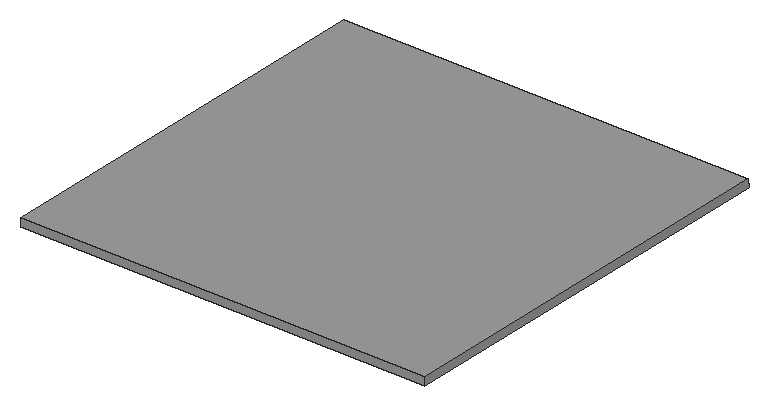
Revit family "WM-MN Suspended Ceiling 80mm Family", category Generic Models, host Ceiling, Revit 2017
Family settings
  Host = Ceiling
  Can host rebar = No
  Round Connector Dimension = Use Diameter
  Part Type = Normal
  Always vertical = Yes
  Cut with Voids When Loaded = No
  Shared = No
  Room Calculation Point = No
Parameters (values of type "Lambdaboard")
  Width = 4000 mm
  URL = "www.rigifoam.com"
  Type Comments = "duncan@rigifoam.com"
  Thermal Resistance = 3.3300 (m²·K)/W
  Thermal Conductivity = 0.0240 W/(m·K)
  Model = "WM/MN Suspended Ceiling 80mm"
  Material = Polyisocyanurate
  Manufacturer = "Lambdaboard"
  Length = 4000 mm
  Description = "Flexible PIR Insulation"
  Depth = 80 mm
  Density = 40.0000 kg/m³
Reference planes
  plane 1 "Center (Front/Back)": y = 0
  plane 2: z = 0
  plane 3 "Center (Left/Right)": x = 0
  plane 4 "Ceiling": z = 4000
Forms (mm)
  Extrusion 1, solid, material "Polyisocyanurate" <- "Material"
    sketch origin (0, 0, 4000) x (0, 1, 0) y (-1, 0, 0)
      loop
        line (2000, 2000) -> (-2000, 2000) -> (-2000, -2000) -> (2000, -2000) -> (2000, 2000)
    from -80 to 0
Dimensions and locks
  equal spacing: host sketch curve, plane 3 "Center (Left/Right)", host sketch curve
  equal spacing: host sketch curve, plane 1 "Center (Front/Back)", host sketch curve
  host sketch curve to host sketch curve = 4000 mm  (x2)
  plane 4 "Ceiling" to host ceiling = 0 mm
  equal spacing: Extrusion 1, plane 3 "Center (Left/Right)", Extrusion 1
  "Length": Extrusion 1 to Extrusion 1
  "Width": Extrusion 1 to Extrusion 1
  "Depth": Extrusion 1 to Extrusion 1
Automatic sketch dimensions
  plane 1 "Center (Front/Back)" to Extrusion 1 sketch curve = 2000 mm
  Extrusion 1 sketch curve to plane 1 "Center (Front/Back)" = 2000 mm
  plane 3 "Center (Left/Right)" to Extrusion 1 sketch curve = 2000 mm
  Extrusion 1 sketch curve to plane 3 "Center (Left/Right)" = 2000 mm
